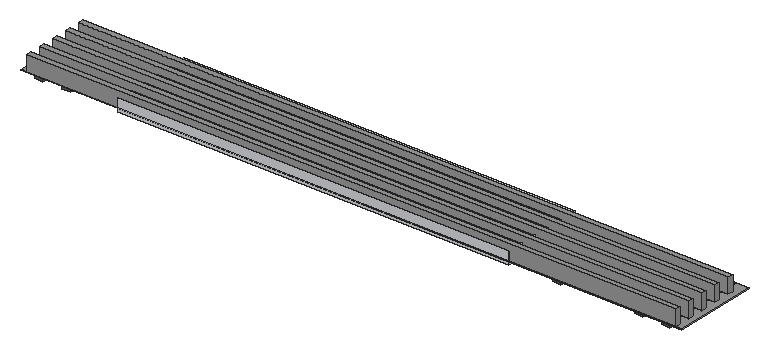
Revit family "1113-5, Veneer", category Generic Models, host Face, Revit 2020
Family settings
  Host = Face
  Can host rebar = No
  Round Connector Dimension = Use Diameter
  Part Type = Normal
  Cut with Voids When Loaded = No
  Shared = No
  Room Calculation Point = No
Parameters
  min_value [instance] = 1' - 11 1/4"  # constant formula
  max_value [instance] = 9' - 11 1/4"  # constant formula
  actual_value [instance] = if(NET LENGTH < min_value, min_value, if(NET LENGTH > max_value, max_value, NET LENGTH))  # 7' - 11 1/4"
  SCRIM MATERIAL [instance] = SCRIM
  SCRIM [instance] = yes
  NET LENGTH [instance] = 7' - 11 1/4"
  Default Elevation = 4' - 0"
  BACKER MATERIAL [instance] = BLACK-BACKERS
  .. MEMBER WIDTH [instance] = 0' - 0 3/4"  # constant formula
  .. MEMBER MATERIAL [instance] = Veneer Cherry
  .. MEMBER LENGTH [instance] = actual_value  # 7' - 11 1/4"
  .. MEMBER DEPTH [instance] = 0' - 2 1/4"  # constant formula
  .. MEMBER COUNT [instance] = 5  # constant formula
  IMPORTANT NOTE!!!                                                                             *Backer layout is for visualization purposes only, final layout to be determined by 9Wood. [instance] = ""
Reference planes (in)
  plane 1 "Center (Front/Back)": y = 0
  plane 2: z = 1.82209
  plane 3 "Center (Left/Right)": x = 0
Forms (in)
  Extrusion 1, solid
    sketch origin (132, -33.80483, 0) x (1, 0, 0) y (0, 1, 0)
      loop
        line (-118.625, 33.80483) -> (-61.26146, 33.80483) -> (-61.26146, 45.86733) -> (-118.625, 45.86733) -> (-118.625, 33.80483)
    from 1.82209 to 0
Dimensions and locks (in)
  aligned and locked: Extrusion 1 to plane 2
  aligned and locked: plane 3 "Center (Left/Right)" to nested 1
Nested families (in)
  nested 1: "1100 SERIES CONFIG" at (0, 2, 0), .. MEMBER DEPTH <- ".. MEMBER DEPTH", .. MEMBER LENGTH <- ".. MEMBER LENGTH", .. MEMBER WIDTH <- ".. MEMBER WIDTH", .. MEMBER MATERIAL <- ".. MEMBER MATERIAL", BACKING M MATERIAL <- "BACKER MATERIAL", SCRIM  MATERIAL <- "SCRIM MATERIAL", .. MEMBER COUNT <- ".. MEMBER COUNT", SCRIM <- "SCRIM", type "1100 SERIES CONFIG"
    with X 7' - 8", SCRIM OVERHANG 2 0' - 0 3/32", SCRIM OVERHANG 0' - 0 7/8", SCRIM LENGTH 8' - 1", SCRIM  MATERIAL SCRIM, SCRIM yes, NOMINAL LENGTH 7, N 8, Inset 6' - 0 3/8", INSET 0' - 1", INDEX 0' - 5 5/8", HALF MEMBER WIDTH 0' - 0 3/8", HALF LENGTH 3' - 11 5/8", END BACKER yes, BACKING M WIDTH 0' - 1 1/4", BACKING M OC SPACING 1' - 0", BACKING M MATERIAL BLACK-BACKERS, BACKING M LENGTH 0' - 11 7/8", BACKING M DEPTH 0' - 0 1/2", BACKING M COUNT 8, 3/16" INSET 0' - 0 3/16", .. MEMBER WIDTH 0' - 0 3/4", .. MEMBER OC SPACING 0' - 2.4", .. MEMBER MATERIAL Veneer Cherry, .. MEMBER LENGTH 7' - 11 1/4", .. MEMBER DEPTH 0' - 2 1/4", .. MEMBER COUNT 5
Definition of nested family "1100 SERIES CONFIG"
  Parameters (values of type "1100 SERIES CONFIG")
    X [instance] = .. MEMBER LENGTH - 0' 3 1/4"  # 5' - 5"
    SCRIM OVERHANG 2 [instance] = 0' - 0 3/32"  # constant formula
    SCRIM OVERHANG [instance] = 0' - 0 7/8"  # constant formula
    SCRIM LENGTH [instance] = .. MEMBER LENGTH + (SCRIM OVERHANG * 2)  # 5' - 10"
    SCRIM  MATERIAL [instance] = none
    SCRIM [instance] = yes
    NOMINAL LENGTH [instance] = 7
    N [instance] = if((X - (rounddown(X / 1' 0") * 1' 0")) > 1' 0", rounddown(X / 1' 0") + 2, rounddown(X / 1' 0") + 1)  # 6
    Inset [instance] = 6' - 0 3/8"  # constant formula
    INSET [instance] = 0' - 1"  # constant formula
    END BACKER [instance] = INDEX > 0' 3 5/8"  # yes
    INDEX [instance] = (.. MEMBER LENGTH - ((N - 1) * 1' 0")) / 2  # 0' - 4 1/8"
    HALF MEMBER WIDTH [instance] = .. MEMBER WIDTH / 2  # 0' - 0 5/16"
    HALF LENGTH [instance] = .. MEMBER LENGTH / 2  # 2' - 10 1/8"
    Default Elevation = 0' - 0"
    BACKING M WIDTH [instance] = 0' - 1 1/4"
    BACKING M SPACING = 3' - 3"
    BACKING M MATERIAL [instance] = none
    BACKING M LENGTH [instance] = 0' - 11 7/8"
    BACKING M DEPTH [instance] = 0' - 0 1/2"
    BACKING M COUNT [instance] = N  # 6
    BACKING M OC SPACING [instance] = 1' - 0"  # constant formula
    3/16" INSET [instance] = 0' - 0 3/16"  # constant formula
    .. MEMBER WIDTH [instance] = 0' - 0 5/8"
    .. MEMBER OC SPACING [instance] = 1' 0" / .. MEMBER COUNT  # 0' - 4"
    .. MEMBER MATERIAL [instance] = none
    .. MEMBER LENGTH [instance] = 5' - 8 1/4"
    .. MEMBER DEPTH [instance] = 0' - 1 3/8"
    .. MEMBER COUNT [instance] = 3
  Reference planes (in)
    plane 1 "Center (Front/Back)": y = -2
    plane 2: z = 0
    plane 3 "Center (Left/Right)": x = 0
    plane 4: x = 1
    plane 5: x = 4.125
    plane 6: x = 34.125
    plane 7: x = 68.25
    plane 8: x = 67.25
    plane 9: x = 16.125
    plane 10: y = -1.8125
    plane 11: y = -1.6875
    plane 12: y = 2.3125
    plane 13: x = 69.125
    plane 14: x = -0.875
    plane 15: z = 0.5
    plane 16: z = 0.5625
    plane 17: y = 10.0625
    plane 18: y = 10.15625
    plane 19: y = -2.09375
  Dimensions and locks (in)
    "INSET": plane 3 "Center (Left/Right)" to plane 4
    "INDEX": plane 3 "Center (Left/Right)" to plane 5
    "HALF LENGTH": plane 3 "Center (Left/Right)" to plane 6
    ".. MEMBER LENGTH": plane 3 "Center (Left/Right)" to plane 7
    "INSET": plane 8 to plane 7
    equal spacing: group 2, group 3, group 6, group 7, group 8, group 9  (x3)
    "3/16" INSET": plane 1 "Center (Front/Back)" to plane 10
    ".. MEMBER OC SPACING": plane 12 to plane 11
    "SCRIM OVERHANG": plane 14 to plane 3 "Center (Left/Right)"
    "SCRIM OVERHANG": plane 7 to plane 13
    equal spacing: group 1, group 4, group 5  (x2)
    equal spacing: group 5, group 4, group 1
    "HALF MEMBER WIDTH": plane 1 "Center (Front/Back)" to plane 11
    "BACKING M OC SPACING": plane 5 to plane 9
    "SCRIM OVERHANG 2": plane 18 to plane 17
    "SCRIM OVERHANG 2": plane 19 to plane 1 "Center (Front/Back)"
    aligned and locked: level to plane 2
    aligned and locked: plane 6 to nested 1
    aligned and locked: nested 2 to plane 4
    aligned and locked: plane 5 to nested 3
    aligned and locked: plane 1 "Center (Front/Back)" to nested 1
    aligned and locked: nested 2 to plane 10
    aligned and locked: nested 3 to plane 10
    aligned and locked: nested 5 to plane 10
    aligned and locked: nested 4 to plane 10
    aligned and locked: nested 6 to plane 14
    aligned and locked: plane 12 to nested 7
    aligned and locked: nested 7 to plane 3 "Center (Left/Right)"
    aligned and locked: plane 9 to nested 5
    aligned and locked: plane 8 to nested 4
    aligned and locked: plane 15 to nested 2
    aligned and locked: nested 6 to plane 15
    aligned and locked: nested 1 to plane 16
    aligned and locked: nested 7 to plane 16
    aligned and locked: nested 6 to plane 19
  Nested families (in)
    nested 1: "INSTANCE - Parametric Cube" at (34.125, -1.6875, 1.9375), Length <- ".. MEMBER WIDTH", Height <- ".. MEMBER DEPTH", Width <- ".. MEMBER LENGTH", Material <- ".. MEMBER MATERIAL", type "INSTANCE - Parametric Cube"
      with Width 5' - 8 1/4", Material none, Length 0' - 0 5/8", Height 0' - 1 3/8"
    nested 2: "2ND INSTANCE - Parametric Cube" at (1.625, 4.125, 0), Height <- "BACKING M DEPTH", Length <- "BACKING M LENGTH", Width <- "BACKING M WIDTH", Material <- "BACKING M MATERIAL", visible <- "END BACKER", type "2ND INSTANCE - Parametric Cube"
      with Width 0' - 1 1/4", Material none, Length 0' - 11 7/8", Height 0' - 0 1/2"
    nested 3: "2ND INSTANCE - Parametric Cube" at (4.125, 4.125, 0), Length <- "BACKING M LENGTH", Height <- "BACKING M DEPTH", Width <- "BACKING M WIDTH", Material <- "BACKING M MATERIAL", type "2ND INSTANCE - Parametric Cube"
      with Width 0' - 1 1/4", Material none, Length 0' - 11 7/8", Height 0' - 0 1/2"
    nested 4: "2ND INSTANCE - Parametric Cube" at (66.625, 4.125, 0), Width <- "BACKING M WIDTH", Length <- "BACKING M LENGTH", Height <- "BACKING M DEPTH", Material <- "BACKING M MATERIAL", visible <- "END BACKER", type "2ND INSTANCE - Parametric Cube"
      with Width 0' - 1 1/4", Material none, Length 0' - 11 7/8", Height 0' - 0 1/2"
    nested 5: "2ND INSTANCE - Parametric Cube" at (16.125, 4.125, 0), Length <- "BACKING M LENGTH", Height <- "BACKING M DEPTH", Width <- "BACKING M WIDTH", Material <- "BACKING M MATERIAL", type "2ND INSTANCE - Parametric Cube"
      with Width 0' - 1 1/4", Material none, Length 0' - 11 7/8", Height 0' - 0 1/2"
    nested 6: "3RD INSTANCE - Parametric Cube" at (34.125, 4.0445, 0.5), Width <- "SCRIM LENGTH", Material <- "SCRIM  MATERIAL", visible <- "SCRIM", type "3RD INSTANCE - Parametric Cube"
      with Width 5' - 10", Material none, Length 1' - 0.27649", Height 0' - 0 1/16"
    nested 7: "INSTANCE - Parametric Cube" at (34.125, 2.3125, 1.9375), Length <- ".. MEMBER WIDTH", Height <- ".. MEMBER DEPTH", Width <- ".. MEMBER LENGTH", Material <- ".. MEMBER MATERIAL", type "INSTANCE - Parametric Cube"
      with Width 5' - 8 1/4", Material none, Length 0' - 0 5/8", Height 0' - 1 3/8"
    nested 8: "INSTANCE - Parametric Cube" at (34.125, 6.3125, 1.9375), Length <- ".. MEMBER WIDTH", Height <- ".. MEMBER DEPTH", Width <- ".. MEMBER LENGTH", Material <- ".. MEMBER MATERIAL", type "INSTANCE - Parametric Cube"
      with Width 5' - 8 1/4", Material none, Length 0' - 0 5/8", Height 0' - 1 3/8"
    nested 9: "2ND INSTANCE - Parametric Cube" at (28.125, 4.125, 0), Length <- "BACKING M LENGTH", Height <- "BACKING M DEPTH", Width <- "BACKING M WIDTH", Material <- "BACKING M MATERIAL", type "2ND INSTANCE - Parametric Cube"
      with Width 0' - 1 1/4", Material none, Length 0' - 11 7/8", Height 0' - 0 1/2"
    nested 10: "2ND INSTANCE - Parametric Cube" at (40.125, 4.125, 0), Length <- "BACKING M LENGTH", Height <- "BACKING M DEPTH", Width <- "BACKING M WIDTH", Material <- "BACKING M MATERIAL", type "2ND INSTANCE - Parametric Cube"
      with Width 0' - 1 1/4", Material none, Length 0' - 11 7/8", Height 0' - 0 1/2"
    nested 11: "2ND INSTANCE - Parametric Cube" at (52.125, 4.125, 0), Length <- "BACKING M LENGTH", Height <- "BACKING M DEPTH", Width <- "BACKING M WIDTH", Material <- "BACKING M MATERIAL", type "2ND INSTANCE - Parametric Cube"
      with Width 0' - 1 1/4", Material none, Length 0' - 11 7/8", Height 0' - 0 1/2"
    nested 12: "2ND INSTANCE - Parametric Cube" at (64.125, 4.125, 0), Length <- "BACKING M LENGTH", Height <- "BACKING M DEPTH", Width <- "BACKING M WIDTH", Material <- "BACKING M MATERIAL", type "2ND INSTANCE - Parametric Cube"
      with Width 0' - 1 1/4", Material none, Length 0' - 11 7/8", Height 0' - 0 1/2"
  Definition of nested family "INSTANCE - Parametric Cube"
    Parameters (values of type "INSTANCE - Parametric Cube")
      Width [instance] = 0' - 6"
      Material [instance] = none
      Length [instance] = 1' - 0"
      Height [instance] = 1' - 6"
      Default Elevation = 0' - 0"
    Reference planes (in)
      plane 1 "Center (Front/Back)": y = 0
      plane 2: z = 0
      plane 3 "Center (Left/Right)": x = 0
      plane 4: x = -3
      plane 5: x = 3
      plane 6: y = 6
      plane 7: y = -6
      plane 8: z = -18
    Forms (in)
      Extrusion 1, solid, material <- "Material"
        sketch origin (0, 0, 0) x (1, 0, 0) y (0, 1, 0)
          loop
            line (-3, 6) -> (-3, -6) -> (3, -6) -> (3, 6) -> (-3, 6)
        from -18 to 0
    Dimensions and locks (in)
      equal spacing: plane 4, plane 3 "Center (Left/Right)", plane 5
      equal spacing: plane 6, plane 1 "Center (Front/Back)", plane 7
      "Length": plane 6 to plane 7
      "Width": plane 4 to plane 5
      "Height": plane 8 to level
      aligned and locked: plane 2 to level
      aligned and locked: Extrusion 1 sketch curve to plane 6
      aligned and locked: plane 4 to Extrusion 1 sketch curve
      aligned and locked: plane 7 to Extrusion 1 sketch curve
      aligned and locked: Extrusion 1 sketch curve to plane 5
      aligned and locked: Extrusion 1 to plane 8
  Definition of nested family "2ND INSTANCE - Parametric Cube"
    Parameters (values of type "2ND INSTANCE - Parametric Cube")
      Width [instance] = 0' - 6"
      Material [instance] = none
      Length [instance] = 1' - 0"
      Height [instance] = 1' - 6"
      Default Elevation = 0' - 0"
    Reference planes (in)
      plane 1 "Center (Front/Back)": y = 0
      plane 2: z = 0
      plane 3 "Center (Left/Right)": x = 0
      plane 4: x = -3
      plane 5: x = 3
      plane 6: y = 6
      plane 7: y = -6
      plane 8: z = 18
    Forms (in)
      Extrusion 1, solid, material <- "Material"
        sketch origin (0, 0, 0) x (1, 0, 0) y (0, 1, 0)
          loop
            line (-3, 6) -> (-3, -6) -> (3, -6) -> (3, 6) -> (-3, 6)
        from 0 to 18
    Dimensions and locks (in)
      equal spacing: plane 4, plane 3 "Center (Left/Right)", plane 5
      equal spacing: plane 6, plane 1 "Center (Front/Back)", plane 7
      "Length": plane 6 to plane 7
      "Width": plane 4 to plane 5
      "Height": level to plane 8
      aligned and locked: plane 2 to level
      aligned and locked: Extrusion 1 sketch curve to plane 6
      aligned and locked: plane 4 to Extrusion 1 sketch curve
      aligned and locked: plane 7 to Extrusion 1 sketch curve
      aligned and locked: Extrusion 1 sketch curve to plane 5
      aligned and locked: plane 8 to Extrusion 1
      aligned and locked: Extrusion 1 to level
  Definition of nested family "3RD INSTANCE - Parametric Cube"
    Parameters (values of type "3RD INSTANCE - Parametric Cube")
      Width [instance] = 0' - 6"
      Material [instance] = none
      Length [instance] = 1' - 0"
      Height [instance] = 1' - 6"
      Default Elevation = 0' - 0"
    Reference planes (in)
      plane 1 "Center (Front/Back)": y = 0
      plane 2: z = 0
      plane 3 "Center (Left/Right)": x = 0
      plane 4: x = -3
      plane 5: x = 3
      plane 6: y = 6
      plane 7: y = -6
      plane 8: z = 18
    Forms (in)
      Extrusion 1, solid, material <- "Material"
        sketch origin (0, 0, 0) x (1, 0, 0) y (0, 1, 0)
          loop
            line (-3, 6) -> (-3, -6) -> (3, -6) -> (3, 6) -> (-3, 6)
        from 0 to 18
    Dimensions and locks (in)
      equal spacing: plane 4, plane 3 "Center (Left/Right)", plane 5
      equal spacing: plane 6, plane 1 "Center (Front/Back)", plane 7
      "Length": plane 6 to plane 7
      "Width": plane 4 to plane 5
      "Height": level to plane 8
      aligned and locked: plane 2 to level
      aligned and locked: Extrusion 1 sketch curve to plane 6
      aligned and locked: plane 4 to Extrusion 1 sketch curve
      aligned and locked: plane 7 to Extrusion 1 sketch curve
      aligned and locked: Extrusion 1 sketch curve to plane 5
      aligned and locked: plane 8 to Extrusion 1
      aligned and locked: Extrusion 1 to level
